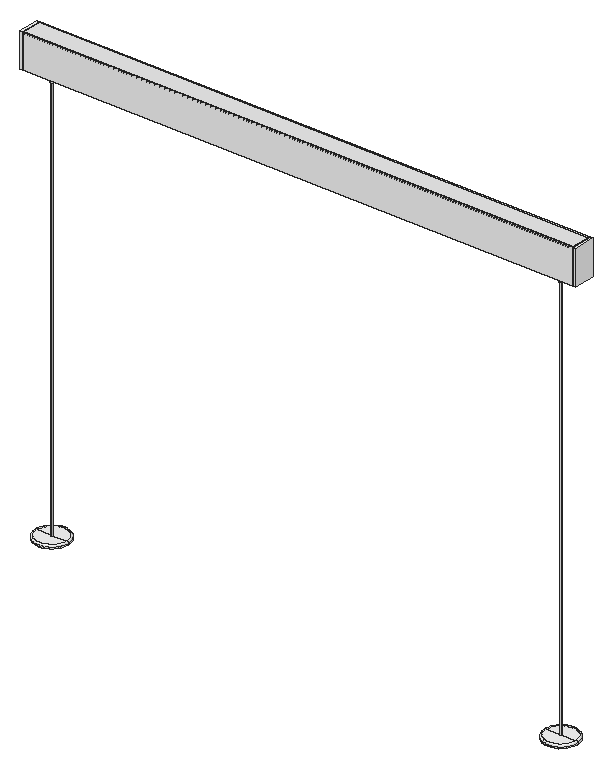
Revit family "MAGIC 1.8 LED LINEAR LIGHT", category Lighting Fixtures, host Face, Revit 2020
Family settings
  Host = Face
  Round Connector Dimension = Use Diameter
  Part Type = Normal
  Cut with Voids When Loaded = No
  Light Source = Yes
  Shared = No
  Room Calculation Point = No
Parameters (values of type "MAG1218-SW1-PSM-SD-FDL")
  Wattage Comments = "40W/30W/20W"
  Wattage = 29.6213 W
  Wall Mount [instance] = Mounting Option = 3  # no
  WATTS = 40 W
  built-in parameter 1150110 = 1 (stored number, unit not read)
  Voltage = 277 V
  URL = "https://www.abovealllighting.com/Product/LED-INDOOR-FIXTURE/Linear/MAGIC18LEDLinearLight.html"
  Type Comments = "MAGIC 1.8 LED LINEAR LIGHT"  # constant formula
  built-in parameter 1114217 = 1 (stored number, unit not read)
  Tilt Angle = -90.00°
  built-in parameter 1150109 = 1 (stored number, unit not read)
  built-in parameter 1150134 = 12
  Suspender Height [instance] = 3' - 0"
  Surface Mount [instance] = Mounting Option = 2  # no
  built-in parameter 1150113 = 1 (stored number, unit not read)
  Power Factor = 1  # constant formula
  Photometric Web File = "MAG1218-SW1(4000K).IES"
  Pendent [instance] = if(PSM, 1 = 1, 1 = 0)  # yes
  PSM [instance] = Mounting Option = 1  # yes
  Mounting Option [instance] = 1
  Model = ""
  Manufacturer = "Above All Lighting"  # constant formula
  built-in parameter 1150105 = 4400 (stored number, unit not read)
  Lumens = 4400 lm
  built-in parameter 1150115 = 1 (stored number, unit not read)
  Load Classification = Lighting
  Light lenght frm base [instance] = if(PSM, Suspender Height, if(Surface Mount, 0' 0", if(Wall Mount, 0' 0", 0' 0")))  # 3' - 0"
  built-in parameter 1150137 = (empty or 0)
  built-in parameter 1150139 = (empty or 0)
  Light [instance] = if(PSM, 1 = 1, if(Surface Mount, 1 = 1, 1 = 0))  # yes
  built-in parameter 1150112 = 1 (stored number, unit not read)
  built-in parameter 1150114 = 1 (stored number, unit not read)
  LIGHT LENGTH = 4' - 0"
  Inside Element = white inside
  built-in parameter 1150132 = 2
  built-in parameter 1150102 = (empty or 0)
  built-in parameter 1150107 = 4000 (stored number, unit not read)
  built-in parameter 1150138 = (empty or 0)
  built-in parameter 1150106 = 44 (stored number, unit not read)
  Fixture Height = 0' - 2.99"
  Finish/Color = White Aluminum
  built-in parameter 1150104 = 13.8 (stored number, unit not read)
  Dimming Lamp Color Temperature Shift = <None>
  Dimming / Control = 10 V
  Description = "This MAGIC led linear fixture is a 1.8 wide, linear architectural luminaire with a slim and a discrete profile. "  # constant formula
  Default Elevation = 4' - 0"
  Color Filter = 16777215
  CRI = "80"  # constant formula
  built-in parameter 1114218 = 1 (stored number, unit not read)
  Average life based on L70(HRS) = "100000"  # constant formula
  built-in parameter 1150133 = 10 (stored number, unit not read)
Types (7): name | Wattage Comments | Wattage | Wall Mount | WATTS | Tilt Angle | Suspender Height | Photometric Web File | Pendent | PSM | Mounting Option | Model | built-in parameter 1150105 | Lumens | Light lenght frm base | Light | LIGHT LENGTH | Inside Element | built-in parameter 1150106 | Finish/Color | Dimming / Control
  (no name) | "40W/30W/20W" | 29.6213 W | no | 40 W | -90.00° | 3' - 0" | "MAG1218-SW1(4000K).IES" | yes | yes | 1 | "" | 4400 (stored number, unit not read) | 4400 lm | 3' - 0" | yes | 4' - 0" | white inside | 44 (stored number, unit not read) | White Aluminum | 10 V
  MAG0618-SW1-PSM-SD-FDL | "20W/15W/10W" | 14.8106 W | no | 20 W | -90.00° | 3' - 0" | "MAG0618-SW1(4000K).IES" | yes | yes | 1 | "" | 2200 (stored number, unit not read) | 2200 lm | 3' - 0" | yes | 2' - 0" | none | 22 (stored number, unit not read) | none | 0 V
  MAG1218-SW1-PSM-SD-FDL | "40W/30W/20W" | 29.6213 W | no | 40 W | -90.00° | 3' - 0" | "MAG1218-SW1(4000K).IES" | yes | yes | 1 | "" | 4400 (stored number, unit not read) | 4400 lm | 3' - 0" | yes | 4' - 0" | white inside | 44 (stored number, unit not read) | White Aluminum | 10 V
  MAG0618-SW1-WM-SD-FDL | "20W/15W/10W" | 14.8106 W | yes | 20 W | 180.00° | 0' - 1" | "MAG0618-SW1(4000K).IES" | no | no | 3 | "" | 2200 (stored number, unit not read) | 2200 lm | 0' - 0" | no | 2' - 0" | none | 22 (stored number, unit not read) | none | 0 V
  MAG1218-SW1-WM-SD-FDL | "40W/30W/20W" | 29.6213 W | yes | 40 W | 180.00° | 0' - 1" | "MAG1218-SW1(4000K).IES" | no | no | 3 | "MAG1218-SW1(4000K)-WM-SD-FDL" | 4400 (stored number, unit not read) | 4400 lm | 0' - 0" | no | 4' - 0" | none | 44 (stored number, unit not read) | none | 0 V
  MAG2418-SW1-PSM-SD-FDL | "80W/60W/40W" | 59.2425 W | no | 80 W | -90.00° | 3' - 0" | "generic.ies" | yes | yes | 1 | "" | 700.28 (stored number, unit not read) | 8800 lm | 3' - 0" | yes | 8' - 0" | none | 7.0028 (stored number, unit not read) | none | 0 V
  MAG2418-SW1-WM-SD-FDL | "80W/60W/40W" | 59.2425 W | yes | 80 W | 180.00° | 0' - 1" | "generic.ies" | no | no | 3 | "MAG1218-SW1(4000K)-WM-SD-FDL" | 700.28 (stored number, unit not read) | 8800 lm | 0' - 0" | no | 8' - 0" | none | 7.0028 (stored number, unit not read) | none | 0 V
Reference planes (in)
  plane 1 "Center (Front/Back)": y = 0
  plane 2: z = 0
  plane 3 "Center (Left/Right)": x = 0
  plane 4: z = 36
  plane 5: x = -24
  plane 6: x = 24
  plane 7: x = -22
  plane 8: z = 36.30752
  plane 9: x = 22
  plane 10: z = 37.54761
  plane 11: z = 36
Forms (in)
  Revolve 1, solid, material "White Aluminum" <- "Finish/Color", visible <- "Pendent"
    sketch origin (0, 0, 0) x (1, 0, 0) y (0, 0, 1)
      loop
        line (-22, 0) -> (-22, 36.30752) -> (-22.19137, 36.30752) -> (-22.19137, 35.50867) -> (-22.11532, 35.50867) -> (-22.11532, 35.33082) -> (-22.04993, 35.33082) -> (-22.04993, 0.23707) -> (-23.31058, 0.23707)
        arc (-23.31058, 0.23707) -> (-23.40201, 0.19919) -> (-23.43988, 0.10776) r 0.1293
        line (-23.43988, 0.10776) -> (-23.43988, 0) -> (-22, 0)
      axis (-22, 0) -> (-22, 36.30752)
    angle from 0 to 360
  Revolve 2, solid, material "White Aluminum" <- "Finish/Color", visible <- "Pendent"
    sketch origin (0, 0, 0) x (-1, 0, 0) y (0, 0, 1)
      loop
        line (-22, 0) -> (-22, 36.30752) -> (-22.19137, 36.30752) -> (-22.19137, 35.50867) -> (-22.11532, 35.50867) -> (-22.11532, 35.33082) -> (-22.04993, 35.33082) -> (-22.04993, 0.23707) -> (-23.31058, 0.23707)
        arc (-23.31058, 0.23707) -> (-23.40201, 0.19919) -> (-23.43988, 0.10776) r 0.1293
        line (-23.43988, 0.10776) -> (-23.43988, 0) -> (-22, 0)
      axis (-22, 0) -> (-22, 36.30752)
    angle from 0 to 360
Dimensions and locks (in)
  equal spacing: plane 5, plane 3 "Center (Left/Right)", plane 6
  "LIGHT LENGTH": plane 5 to plane 6
  "Suspender Height": plane 4 to plane 2
  locked: plane 8 to plane 4 at 0.30752
  locked: plane 7 to plane 5 at 2
  locked: plane 6 to plane 9 at 2
  locked: Revolve 1 sketch curve to Revolve 1 sketch curve at 0.23707
  locked: Revolve 1 sketch curve to Revolve 1 sketch curve at 1.43988
  locked: Revolve 1 sketch curve to Revolve 1 sketch curve at 0.19137
  locked: Revolve 1 sketch curve to Revolve 1 sketch curve at 0.11532
  locked: Revolve 1 sketch curve to Revolve 1 sketch curve at 0.04993
  locked: Revolve 1 sketch curve to Revolve 1 sketch curve at 0.79886
  locked: Revolve 1 sketch curve to Revolve 1 sketch curve at 0.97671
  locked: Revolve 2 sketch curve to Revolve 2 sketch curve at 0.23707
  locked: Revolve 2 sketch curve to Revolve 2 sketch curve at 1.43988
  locked: Revolve 2 sketch curve to Revolve 2 sketch curve at 0.19137
  locked: Revolve 2 sketch curve to Revolve 2 sketch curve at 0.11532
  locked: Revolve 2 sketch curve to Revolve 2 sketch curve at 0.04993
  locked: Revolve 2 sketch curve to Revolve 2 sketch curve at 0.79886
  locked: Revolve 2 sketch curve to Revolve 2 sketch curve at 0.97671
  "Light lenght frm base": plane 11 to plane 2
  locked: plane 10 to plane 11 at 1.54761
  aligned and locked: plane 2 to host face
  aligned and locked: level to host face
  aligned and locked: nested 1 to plane 5
  aligned and locked: plane 6 to nested 1
  aligned and locked: plane 2 to Revolve 1 sketch curve
  aligned and locked: Revolve 1 sketch curve to plane 7
  aligned and locked: Revolve 1 sketch curve to plane 8
  aligned and locked: plane 7 to Revolve 1 sketch curve
  aligned and locked: plane 9 to Revolve 2 sketch curve
  aligned and locked: plane 8 to Revolve 2 sketch curve
  aligned and locked: Revolve 2 sketch curve to plane 2
  aligned and locked: Revolve 2 sketch curve to plane 9
  aligned and locked: plane 10 to imposter light
  aligned and locked: imposter light to plane 1 "Center (Front/Back)"
  aligned and locked: nested 1 to plane 11
Automatic sketch dimensions
  host sketch curve to host sketch curve = 8' - 0"  (x2)
  Revolve 1 sketch curve to Revolve 1 sketch curve = 0' - 0.1293"
  Revolve 1 sketch curve to level = 0' - 0.11266"
  Revolve 1 sketch curve to Revolve 1 sketch curve = 0' - 0.13734"
  Revolve 2 sketch curve to Revolve 2 sketch curve = 0' - 0.1293"
  level to Revolve 2 sketch curve = 0' - 0.11266"
  Revolve 2 sketch curve to Revolve 2 sketch curve = 0' - 0.13734"
Nested families (in)
  nested 1: "Family1" at (0, 0, 36), LENGTH <- "LIGHT LENGTH", BODY MATERIAL <- "Finish/Color", visible <- "Light", inner meterials <- "Inside Element", type "Family1"
    with inner meterials white inside, LENGTH 4' - 0", BODY MATERIAL White Aluminum
  nested 2: "MAGIC 1.8 SURFACE BS" at (0, 0, 0), LENGTH <- "LIGHT LENGTH", BODY MATERIALS <- "Finish/Color", INNER MATERIAL <- "Inside Element", visible <- "Wall Mount", type "MAGIC 1.8 SURFACE BS"
    with LENGTH 4' - 0", INNER MATERIAL white inside, BODY MATERIALS White Aluminum
Connectors (in)
  electrical at (0, 0, 0)
    settings: on host face, index 1, voltage 0 V, apparent load 0 VA, apparent load phase1 0 VA, apparent load phase2 0 VA, apparent load phase3 0 VA, power factor 1, load classification "Other", number of poles 1, system type 31, power factor state 1, is connector primary yes, connector utility no, sub classification motor no, connector description ""
Definition of nested family "Family1"
  Parameters (values of type "Family1")
    inner meterials [instance] = none
    WIDTH = 0' - 1.8"
    LENGTH [instance] = 3' - 11.88"
    HEIGHT = 0' - 2.99"
    Default Elevation = 0' - 0"
    Cable Pendant = yes
    BODY MATERIAL [instance] = none
  Reference planes (in)
    plane 1 "Center (Front/Back)": y = 0
    plane 2: z = 0
    plane 3 "Center (Left/Right)": x = 0
    plane 4: y = 0.9
    plane 5: y = -0.9
    plane 6: z = 2.99
    plane 7: x = -23.94
    plane 8: x = 23.94
    plane 9: x = 23.69
    plane 10: x = -23.69
    plane 11: x = -9.78519
    plane 12: x = 14.69
  Forms (in)
    Extrusion 1, solid, material <- "BODY MATERIAL", visible <- "Cable Pendant"
      sketch origin (0, 0, 0) x (0, 1, 0) y (0, 0, 1)
        loop
          line (0.82321, 0) -> (0.9, 0) -> (0.9, 2.99) -> (0.84131, 2.99) -> (0.84131, 2.88576) -> (0.75508, 2.88576) -> (0.75508, 2.82625) -> (0.84131, 2.82625) -> (0.84131, 2.34972) -> (0.74502, 2.34972) -> (0.60017, 2.26609) -> (0.60017, 2.23342) -> (0.46238, 2.23342) -> (0.46238, 2.30119) -> (0.35442, 2.30119) -> (0.35442, 2.26609) -> (0.28865, 2.26609) -> (0.28865, 2.30119) -> (0.14458, 2.30119) -> (0.14458, 2.25652) -> (-0.14458, 2.25652) -> (-0.14458, 2.30119) -> (-0.28865, 2.30119) -> (-0.28865, 2.26609) -> (-0.35442, 2.26609) -> (-0.35442, 2.30119) -> (-0.46238, 2.30119) -> (-0.46238, 2.23342) -> (-0.60017, 2.23342) -> (-0.60017, 2.26609) -> (-0.74502, 2.34972) -> (-0.84131, 2.34972) -> (-0.84131, 2.82625) -> (-0.75508, 2.82625) -> (-0.75508, 2.88576) -> (-0.84131, 2.88576) -> (-0.84131, 2.99) -> (-0.9, 2.99) -> (-0.9, 0) -> (-0.83414, 0) -> (-0.83414, 0.30752) -> (0.82321, 0.30752) -> (0.82321, 0)
        loop
          line (-0.81874, 0.38783) -> (0.82321, 0.38783) -> (0.82321, 1.54295) -> (0.6761, 1.54295) -> (0.6761, 1.63864) -> (0.82321, 1.63864) -> (0.82321, 1.69481) -> (0.6977, 1.69481) -> (0.6977, 1.74882) -> (0.82321, 1.74882) -> (0.82321, 2.02053) -> (0.61867, 1.96573) -> (0.61867, 2.12737) -> (-0.61069, 2.12737) -> (-0.61069, 1.96615) -> (-0.81874, 2.02189) -> (-0.81874, 1.74882) -> (-0.68956, 1.74882) -> (-0.68956, 1.69481) -> (-0.81874, 1.69481) -> (-0.81874, 1.63864) -> (-0.67228, 1.63864) -> (-0.67228, 1.54295) -> (-0.81874, 1.54295) -> (-0.81874, 0.38783)
      from -23.69 to 23.69
    Extrusion 2, solid, material <- "BODY MATERIAL", visible <- "Cable Pendant"
      sketch origin (0, 0, 0) x (0, 1, 0) y (0, 0, 1)
        loop
          line (0.9, 2.99) -> (-0.9, 2.99) -> (-0.9, 0) -> (0.9, 0) -> (0.9, 2.99)
      from 23.69 to 23.94
    Extrusion 3, solid, material <- "BODY MATERIAL", visible <- "Cable Pendant"
      sketch origin (0, 0, 0) x (0, 1, 0) y (0, 0, -1)
        loop
          line (0.9, -2.99) -> (0.9, 0) -> (-0.9, 0) -> (-0.9, -2.99) -> (0.9, -2.99)
      from 23.69 to 23.94
    Extrusion 4, solid, material <- "inner meterials"
      sketch origin (0, 0, 0) x (0, 1, 0) y (0, 0, 1)
        loop
          line (0.84131, 2.99) -> (-0.84131, 2.99) -> (-0.84131, 2.88576) -> (-0.75508, 2.88576) -> (-0.75508, 2.82625) -> (-0.79932, 2.782) -> (-0.76863, 2.75131) -> (-0.72012, 2.75131) -> (-0.72012, 2.88576) -> (0.72012, 2.88576) -> (0.72012, 2.75131) -> (0.76863, 2.75131) -> (0.79932, 2.782) -> (0.75508, 2.82625) -> (0.75508, 2.88576) -> (0.84131, 2.88576) -> (0.84131, 2.99)
      from -23.69 to 23.69
  Dimensions and locks (in)
    equal spacing: plane 4, plane 1 "Center (Front/Back)", plane 5
    "WIDTH": plane 4 to plane 5
    "HEIGHT": plane 6 to plane 2
    equal spacing: plane 8, plane 3 "Center (Left/Right)", plane 7
    "LENGTH": plane 8 to plane 7
    locked: plane 9 to plane 8 at 0.25
    locked: plane 7 to plane 10 at 0.25
    aligned and locked: plane 2 to level
    aligned and locked: plane 10 to Extrusion 1
    aligned and locked: plane 9 to Extrusion 1
    aligned and locked: Extrusion 2 sketch curve to plane 6
    aligned and locked: Extrusion 2 sketch curve to plane 5
    aligned and locked: plane 2 to Extrusion 2 sketch curve
    aligned and locked: plane 4 to Extrusion 2 sketch curve
    aligned and locked: plane 8 to Extrusion 2
    aligned and locked: Extrusion 2 to Extrusion 1
    aligned and locked: Extrusion 3 to Extrusion 1
    aligned and locked: Extrusion 3 to plane 7
    aligned and locked: Extrusion 1 to Extrusion 4
    aligned and locked: Extrusion 4 to Extrusion 1
  Automatic sketch dimensions
    Extrusion 1 sketch curve to level = 0' - 0"  (x2)
    Extrusion 1 sketch curve to plane 5 = 0' - 0"
    Extrusion 1 sketch curve to plane 6 = 0' - 0"  (x2)
    Extrusion 1 sketch curve to plane 4 = 0' - 0"
    Extrusion 1 sketch curve to plane 5 = 0' - 0.05869"  (x2)
    Extrusion 1 sketch curve to plane 5 = 0' - 0.06586"
    Extrusion 1 sketch curve to plane 5 = 0' - 0.08126"  (x2)
    Extrusion 1 sketch curve to Extrusion 1 sketch curve = 0' - 0"  (x2)
    Extrusion 1 sketch curve to Extrusion 1 sketch curve = 0' - 0.08623"
    Extrusion 1 sketch curve to Extrusion 1 sketch curve = 0' - 0.09628"
    Extrusion 1 sketch curve to Extrusion 1 sketch curve = 0' - 0.12917"
    Extrusion 1 sketch curve to Extrusion 1 sketch curve = 0' - 0.01728"
    Extrusion 1 sketch curve to Extrusion 1 sketch curve = 0' - 0.20805"
    Extrusion 1 sketch curve to Extrusion 1 sketch curve = 0' - 0.01051"
    Extrusion 1 sketch curve to Extrusion 1 sketch curve = 0' - 0.13779"  (x2)
    Extrusion 1 sketch curve to Extrusion 1 sketch curve = 0' - 0.10796"  (x2)
    Extrusion 1 sketch curve to Extrusion 1 sketch curve = 0' - 0.06577"  (x2)
    Extrusion 1 sketch curve to Extrusion 1 sketch curve = 0' - 0.14408"  (x2)
    Extrusion 1 sketch curve to plane 1 "Center (Front/Back)" = 0' - 0.14458"
    Extrusion 1 sketch curve to Extrusion 1 sketch curve = 0' - 0.0185"
    plane 4 to Extrusion 1 sketch curve = 0' - 0.2239"
    Extrusion 1 sketch curve to Extrusion 1 sketch curve = 0' - 0.0216"
    plane 4 to Extrusion 1 sketch curve = 0' - 0.15498"
    plane 4 to Extrusion 1 sketch curve = 0' - 0.14492"
    plane 4 to Extrusion 1 sketch curve = 0' - 0.07679"  (x2)
    Extrusion 1 sketch curve to Extrusion 1 sketch curve = 0' - 0.07679"
    plane 4 to Extrusion 1 sketch curve = 0' - 0.05869"  (x2)
    level to Extrusion 1 sketch curve = 0' - 0.30752"
    Extrusion 1 sketch curve to Extrusion 1 sketch curve = 0' - 0.08031"
    Extrusion 1 sketch curve to Extrusion 1 sketch curve = 0' - 1.15512"  (x2)
    Extrusion 1 sketch curve to Extrusion 1 sketch curve = 0' - 0.09569"  (x2)
    Extrusion 1 sketch curve to Extrusion 1 sketch curve = 0' - 0.05617"  (x2)
    Extrusion 1 sketch curve to Extrusion 1 sketch curve = 0' - 0.05401"  (x2)
    Extrusion 1 sketch curve to Extrusion 1 sketch curve = 0' - 0.21691"
    Extrusion 1 sketch curve to Extrusion 1 sketch curve = 0' - 0.21733"
    Extrusion 1 sketch curve to Extrusion 1 sketch curve = 0' - 0.05481"
    Extrusion 1 sketch curve to Extrusion 1 sketch curve = 0' - 0.05575"
    Extrusion 1 sketch curve to Extrusion 1 sketch curve = 0' - 0.16164"
    Extrusion 1 sketch curve to Extrusion 1 sketch curve = 0' - 0.10606"  (x2)
    Extrusion 1 sketch curve to Extrusion 1 sketch curve = 0' - 0.0231"
    Extrusion 1 sketch curve to Extrusion 1 sketch curve = 0' - 0.00957"
    Extrusion 1 sketch curve to Extrusion 1 sketch curve = 0' - 0.03267"  (x3)
    Extrusion 1 sketch curve to Extrusion 1 sketch curve = 0' - 0.0351"
    Extrusion 1 sketch curve to Extrusion 1 sketch curve = 0' - 0.06777"  (x2)
    Extrusion 1 sketch curve to Extrusion 1 sketch curve = 0' - 0.04467"
    Extrusion 1 sketch curve to Extrusion 1 sketch curve = 0' - 0.08363"  (x2)
    Extrusion 1 sketch curve to plane 6 = 0' - 0.16375"  (x2)
    Extrusion 1 sketch curve to Extrusion 1 sketch curve = 0' - 0.05952"  (x2)
    Extrusion 3 sketch curve to plane 5 = 0' - 0"
    Extrusion 3 sketch curve to level = 0' - 0"
    Extrusion 3 sketch curve to plane 4 = 0' - 0"
    Extrusion 3 sketch curve to plane 6 = 0' - 0"
    Extrusion 4 sketch curve to plane 6 = 0' - 0"
    Extrusion 4 sketch curve to plane 5 = 0' - 0.05869"
    Extrusion 4 sketch curve to plane 5 = 0' - 0.10068"
    Extrusion 4 sketch curve to Extrusion 4 sketch curve = 0' - 0.03069"  (x2)
    Extrusion 4 sketch curve to Extrusion 4 sketch curve = 0' - 0.08623"
    Extrusion 4 sketch curve to Extrusion 4 sketch curve = 0' - 0.03496"  (x2)
    plane 4 to Extrusion 4 sketch curve = 0' - 0.17988"
    Extrusion 4 sketch curve to Extrusion 4 sketch curve = 0' - 0.04851"
    plane 4 to Extrusion 4 sketch curve = 0' - 0.05869"
    Extrusion 4 sketch curve to plane 6 = 0' - 0.10424"
    Extrusion 4 sketch curve to Extrusion 4 sketch curve = 0' - 0"  (x2)
    Extrusion 4 sketch curve to Extrusion 4 sketch curve = 0' - 0.05952"  (x2)
    Extrusion 4 sketch curve to Extrusion 4 sketch curve = 0' - 0.04424"  (x2)
Definition of nested family "MAGIC 1.8 SURFACE BS"
  Parameters (values of type "MAGIC 1.8 SURFACE BS")
    WIDTH = 0' - 1.8"
    LENGTH [instance] = 3' - 11.88"
    INNER MATERIAL [instance] = none
    HEIGHT = 0' - 2.99"
    Default Elevation = 0' - 0"
    BODY MATERIALS [instance] = none
  Reference planes (in)
    plane 1 "Center (Front/Back)": y = 0
    plane 2: z = 0
    plane 3 "Center (Left/Right)": x = 0
    plane 4: x = -23.94
    plane 5: x = 23.94
    plane 6: x = 23.69
    plane 7: x = -23.69
    plane 8: x = -9.78519
    plane 9: x = 14.69
    plane 10: y = 1.495
    plane 11: y = -1.495
    plane 12: z = 1.8
  Forms (in)
    Extrusion 1, solid, material <- "BODY MATERIALS"
      sketch origin (0, -1.495, 0.9) x (0, 0, -1) y (0, 1, 0)
        loop
          line (0.82321, 0) -> (0.9, 0) -> (0.9, 2.99) -> (0.84131, 2.99) -> (0.84131, 2.88576) -> (0.75508, 2.88576) -> (0.75508, 2.82625) -> (0.84131, 2.82625) -> (0.84131, 2.34972) -> (0.74502, 2.34972) -> (0.60017, 2.26609) -> (0.60017, 2.23342) -> (0.46238, 2.23342) -> (0.46238, 2.30119) -> (0.35442, 2.30119) -> (0.35442, 2.26609) -> (0.28865, 2.26609) -> (0.28865, 2.30119) -> (0.14458, 2.30119) -> (0.14458, 2.25652) -> (-0.14458, 2.25652) -> (-0.14458, 2.30119) -> (-0.28865, 2.30119) -> (-0.28865, 2.26609) -> (-0.35442, 2.26609) -> (-0.35442, 2.30119) -> (-0.46238, 2.30119) -> (-0.46238, 2.23342) -> (-0.60017, 2.23342) -> (-0.60017, 2.26609) -> (-0.74502, 2.34972) -> (-0.84131, 2.34972) -> (-0.84131, 2.82625) -> (-0.75508, 2.82625) -> (-0.75508, 2.88576) -> (-0.84131, 2.88576) -> (-0.84131, 2.99) -> (-0.9, 2.99) -> (-0.9, 0) -> (-0.83414, 0) -> (-0.83414, 0.30752) -> (0.82321, 0.30752) -> (0.82321, 0)
        loop
          line (-0.81874, 0.38783) -> (0.82321, 0.38783) -> (0.82321, 1.54295) -> (0.6761, 1.54295) -> (0.6761, 1.63864) -> (0.82321, 1.63864) -> (0.82321, 1.69481) -> (0.6977, 1.69481) -> (0.6977, 1.74882) -> (0.82321, 1.74882) -> (0.82321, 2.02053) -> (0.61867, 1.96573) -> (0.61867, 2.12737) -> (-0.61069, 2.12737) -> (-0.61069, 1.96615) -> (-0.81874, 2.02189) -> (-0.81874, 1.74882) -> (-0.68956, 1.74882) -> (-0.68956, 1.69481) -> (-0.81874, 1.69481) -> (-0.81874, 1.63864) -> (-0.67228, 1.63864) -> (-0.67228, 1.54295) -> (-0.81874, 1.54295) -> (-0.81874, 0.38783)
      from -23.69 to 23.69
    Extrusion 2, solid, material <- "INNER MATERIAL"
      sketch origin (0, -1.495, 0.9) x (0, 0, -1) y (0, 1, 0)
        loop
          line (0.84131, 2.99) -> (-0.84131, 2.99) -> (-0.84131, 2.88576) -> (-0.75508, 2.88576) -> (-0.75508, 2.82625) -> (-0.7879, 2.79343) -> (-0.75508, 2.75549) -> (-0.72401, 2.75549) -> (-0.72401, 2.88576) -> (0.72401, 2.88576) -> (0.72401, 2.75549) -> (0.75508, 2.75549) -> (0.7879, 2.79343) -> (0.75508, 2.82625) -> (0.75508, 2.88576) -> (0.84131, 2.88576) -> (0.84131, 2.99)
      from -23.69 to 23.69
    Extrusion 3, solid, material <- "BODY MATERIALS"
      sketch origin (0, -1.495, 0.9) x (0, 0, -1) y (0, -1, 0)
        loop
          line (0.9, -2.99) -> (0.9, 0) -> (-0.9, 0) -> (-0.9, -2.99) -> (0.9, -2.99)
      from 23.69 to 23.94
    Extrusion 4, solid, material <- "BODY MATERIALS"
      sketch origin (0, -1.495, 0.9) x (0, 0, -1) y (0, 1, 0)
        loop
          line (0.9, 2.99) -> (-0.9, 2.99) -> (-0.9, 0) -> (0.9, 0) -> (0.9, 2.99)
      from 23.69 to 23.94
  Dimensions and locks (in)
    equal spacing: plane 5, plane 3 "Center (Left/Right)", plane 4
    "LENGTH": plane 5 to plane 4
    locked: plane 6 to plane 5 at 0.25
    locked: plane 4 to plane 7 at 0.25
    equal spacing: plane 10, plane 1 "Center (Front/Back)", plane 11
    locked: plane 10 to plane 11 at 2.99
    locked: plane 12 to plane 2 at 1.8
    aligned and locked: plane 2 to level
    aligned and locked: plane 7 to Extrusion 1
    aligned and locked: plane 6 to Extrusion 1
    aligned and locked: Extrusion 1 to Extrusion 2  (x2)
    aligned and locked: Extrusion 3 to Extrusion 1
    aligned and locked: Extrusion 3 to plane 4
    aligned and locked: plane 11 to Extrusion 3
    aligned and locked: Extrusion 3 to plane 10
    aligned and locked: Extrusion 3 to plane 2
    aligned and locked: plane 12 to Extrusion 3
    aligned and locked: Extrusion 4 to Extrusion 1
    aligned and locked: plane 5 to Extrusion 4
  Automatic sketch dimensions
    Extrusion 1 sketch curve to plane 11 = 0' - 0"  (x2)
    Extrusion 1 sketch curve to plane 12 = 0' - 0"
    Extrusion 1 sketch curve to plane 10 = 0' - 0"  (x2)
    Extrusion 1 sketch curve to level = 0' - 0"
    Extrusion 1 sketch curve to plane 12 = 0' - 0.05869"  (x2)
    Extrusion 1 sketch curve to plane 12 = 0' - 0.06586"
    Extrusion 1 sketch curve to plane 12 = 0' - 0.08126"  (x2)
    Extrusion 1 sketch curve to Extrusion 1 sketch curve = 0' - 0"  (x2)
    Extrusion 1 sketch curve to Extrusion 1 sketch curve = 0' - 0.08623"
    Extrusion 1 sketch curve to Extrusion 1 sketch curve = 0' - 0.09628"
    Extrusion 1 sketch curve to Extrusion 1 sketch curve = 0' - 0.12917"
    Extrusion 1 sketch curve to Extrusion 1 sketch curve = 0' - 0.01728"
    Extrusion 1 sketch curve to Extrusion 1 sketch curve = 0' - 0.20805"
    Extrusion 1 sketch curve to Extrusion 1 sketch curve = 0' - 0.01051"
    Extrusion 1 sketch curve to Extrusion 1 sketch curve = 0' - 0.13779"  (x2)
    Extrusion 1 sketch curve to Extrusion 1 sketch curve = 0' - 0.10796"  (x2)
    Extrusion 1 sketch curve to Extrusion 1 sketch curve = 0' - 0.06577"  (x2)
    Extrusion 1 sketch curve to Extrusion 1 sketch curve = 0' - 0.14408"  (x2)
    Extrusion 1 sketch curve to Extrusion 1 sketch curve = 0' - 0.28915"
    Extrusion 1 sketch curve to Extrusion 1 sketch curve = 0' - 0.0185"
    level to Extrusion 1 sketch curve = 0' - 0.2239"
    Extrusion 1 sketch curve to Extrusion 1 sketch curve = 0' - 0.0216"
    level to Extrusion 1 sketch curve = 0' - 0.15498"
    level to Extrusion 1 sketch curve = 0' - 0.14492"
    level to Extrusion 1 sketch curve = 0' - 0.07679"  (x2)
    Extrusion 1 sketch curve to Extrusion 1 sketch curve = 0' - 0.07679"
    level to Extrusion 1 sketch curve = 0' - 0.05869"  (x2)
    Extrusion 1 sketch curve to Extrusion 1 sketch curve = 0' - 0.30752"
    Extrusion 1 sketch curve to Extrusion 1 sketch curve = 0' - 0.08031"
    Extrusion 1 sketch curve to plane 1 "Center (Front/Back)" = 0' - 0.04795"  (x2)
    Extrusion 1 sketch curve to Extrusion 1 sketch curve = 0' - 0.09569"  (x2)
    Extrusion 1 sketch curve to Extrusion 1 sketch curve = 0' - 0.05617"  (x2)
    Extrusion 1 sketch curve to Extrusion 1 sketch curve = 0' - 0.05401"  (x2)
    Extrusion 1 sketch curve to Extrusion 1 sketch curve = 0' - 0.21691"
    Extrusion 1 sketch curve to Extrusion 1 sketch curve = 0' - 0.21733"
    Extrusion 1 sketch curve to Extrusion 1 sketch curve = 0' - 0.05481"
    Extrusion 1 sketch curve to Extrusion 1 sketch curve = 0' - 0.05575"
    Extrusion 1 sketch curve to Extrusion 1 sketch curve = 0' - 0.16164"
    Extrusion 1 sketch curve to Extrusion 1 sketch curve = 0' - 0.10606"  (x2)
    Extrusion 1 sketch curve to Extrusion 1 sketch curve = 0' - 0.0231"
    Extrusion 1 sketch curve to Extrusion 1 sketch curve = 0' - 0.00957"
    Extrusion 1 sketch curve to Extrusion 1 sketch curve = 0' - 0.03267"  (x3)
    Extrusion 1 sketch curve to Extrusion 1 sketch curve = 0' - 0.0351"
    Extrusion 1 sketch curve to Extrusion 1 sketch curve = 0' - 0.06777"  (x2)
    Extrusion 1 sketch curve to Extrusion 1 sketch curve = 0' - 0.04467"
    Extrusion 1 sketch curve to Extrusion 1 sketch curve = 0' - 0.08363"  (x2)
    plane 10 to Extrusion 1 sketch curve = 0' - 0.16375"  (x2)
    Extrusion 1 sketch curve to Extrusion 1 sketch curve = 0' - 0.05952"  (x2)
    Extrusion 2 sketch curve to plane 10 = 0' - 0"
    Extrusion 2 sketch curve to plane 12 = 0' - 0.05869"
    Extrusion 2 sketch curve to Extrusion 2 sketch curve = 0' - 0.05341"
    Extrusion 2 sketch curve to Extrusion 2 sketch curve = 0' - 0.03282"  (x5)
    Extrusion 2 sketch curve to Extrusion 2 sketch curve = 0' - 0.03107"  (x3)
    level to Extrusion 2 sketch curve = 0' - 0.17599"
    level to Extrusion 2 sketch curve = 0' - 0.05869"
    plane 10 to Extrusion 2 sketch curve = 0' - 0.10424"  (x3)
    Extrusion 2 sketch curve to Extrusion 2 sketch curve = 0' - 0.05952"  (x2)
    Extrusion 2 sketch curve to Extrusion 2 sketch curve = 0' - 0.03794"  (x2)
    Extrusion 3 sketch curve to plane 10 = 0' - 0"
    Extrusion 3 sketch curve to plane 12 = 0' - 0"
    Extrusion 3 sketch curve to level = 0' - 0"
    Extrusion 3 sketch curve to plane 11 = 0' - 0"
    Extrusion 4 sketch curve to plane 10 = 0' - 0"
    Extrusion 4 sketch curve to plane 12 = 0' - 0"
    Extrusion 4 sketch curve to level = 0' - 0"
    Extrusion 4 sketch curve to plane 11 = 0' - 0"
